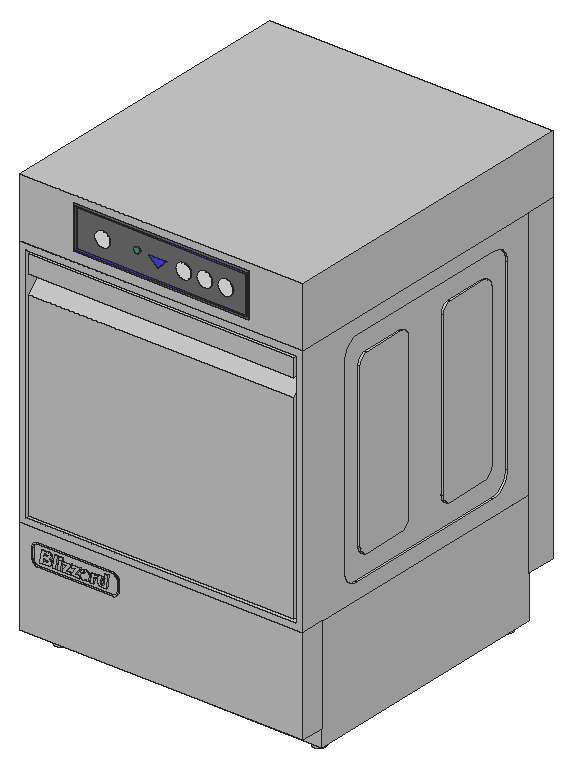
Revit family "QF_BLIZZARD_STORM40DP", category Specialty Equipment, Revit 2016
Family settings
  Part Type = Normal
  Round Connector Dimension = Use Diameter
  OmniClass Number = 23.40.40.14.31
  OmniClass Title = Cleaning and Disposal Equipment
  Work Plane-Based = No
  Always vertical = Yes
  Cut with Voids When Loaded = No
  Shared = No
  Room Calculation Point = No
Parameters (values of type "STORM40DP")
  URL = "www.blizzardequipment.com"
  Show Logo [instance] = yes
  Show Clearance [instance] = yes
  Model = "STORM40DP"
  Manufacturer = "BLIZZARD"
  Legs height [instance] = 170 mm
  Description = "STORM GLASSWASHER 400X400MM WITH DRAIN PUMP"
  Assembly Code = "E1090320"
Reference planes
  plane 1 "Back": y = 0
  plane 2: z = 0
  plane 3 "Left": x = 0
  plane 4 "Right": x = 470
  plane 5 "Front": y = -520
  plane 6 "Top": z = 720
Forms (mm)
  Extrusion 1, solid
    sketch origin (50, 687.394, 40) x (0, -1, 0) y (0, 0, 1)
      loop
        line (687.394, 580.013) -> (687.394, 42.551) -> (737.394, 42.551) -> (737.394, 580.013) -> (687.394, 580.013)
    from -420 to 50
  Extrusion 2, solid
    sketch origin (50, 577.394, 45) x (0, -1, 0) y (0, 0, 1)
      loop
        line (577.394, 675) -> (577.394, 575.013) -> (1097.394, 575.013) -> (1097.394, 675) -> (577.394, 675)
    from -420 to 50
  Extrusion 3, solid
    sketch origin (50, 577.394, -370) x (0, -1, 0) y (0, 0, 1)
      loop
        line (627.394, 570) -> (627.394, 381.179) -> (1057.394, 381.179) -> (1057.394, 570) -> (627.394, 570)
    from -420 to 50
  Extrusion 4, solid
    sketch origin (5.431, 66.549, -127.332) x (0, 1, 0) y (0, 0, 1)
      loop
        line (-193.549, 402.332) -> (-193.549, 672.345)
        arc (-193.549, 672.345) -> (-197.942, 682.952) -> (-208.549, 687.345) r 15
        line (-208.549, 687.345) -> (-278.549, 687.345)
        arc (-278.549, 687.345) -> (-289.155, 682.952) -> (-293.549, 672.345) r 15
        line (-293.549, 672.345) -> (-293.549, 402.332)
        arc (-293.549, 402.332) -> (-289.155, 391.725) -> (-278.549, 387.332) r 15
        line (-278.549, 387.332) -> (-208.549, 387.332)
        arc (-208.549, 387.332) -> (-197.942, 391.725) -> (-193.549, 402.332) r 15
      loop
        line (-366.549, 402.332) -> (-366.549, 672.345)
        arc (-366.549, 672.345) -> (-370.942, 682.952) -> (-381.549, 687.345) r 15
        line (-381.549, 687.345) -> (-451.549, 687.345)
        arc (-451.549, 687.345) -> (-462.155, 682.952) -> (-466.549, 672.345) r 15
        line (-466.549, 672.345) -> (-466.549, 402.332)
        arc (-466.549, 402.332) -> (-462.155, 391.725) -> (-451.549, 387.332) r 15
        line (-451.549, 387.332) -> (-381.549, 387.332)
        arc (-381.549, 387.332) -> (-370.942, 391.725) -> (-366.549, 402.332) r 15
    from -5.431 to -0.431
  Extrusion 5, solid
    sketch origin (464.569, 66.549, -130) x (0, 1, 0) y (0, 0, -1)
      loop
        arc (-193.549, -405) -> (-197.942, -394.393) -> (-208.549, -390) r 15
        line (-208.549, -390) -> (-278.549, -390)
        arc (-278.549, -390) -> (-289.155, -394.393) -> (-293.549, -405) r 15
        line (-293.549, -405) -> (-293.549, -675.013)
        arc (-293.549, -675.013) -> (-289.155, -685.62) -> (-278.549, -690.013) r 15
        line (-278.549, -690.013) -> (-208.549, -690.013)
        arc (-208.549, -690.013) -> (-197.942, -685.62) -> (-193.549, -675.013) r 15
        line (-193.549, -675.013) -> (-193.549, -405)
      loop
        arc (-366.549, -405) -> (-370.942, -394.393) -> (-381.549, -390) r 15
        line (-381.549, -390) -> (-451.549, -390)
        arc (-451.549, -390) -> (-462.155, -394.393) -> (-466.549, -405) r 15
        line (-466.549, -405) -> (-466.549, -675.013)
        arc (-466.549, -675.013) -> (-462.155, -685.62) -> (-451.549, -690.013) r 15
        line (-451.549, -690.013) -> (-381.549, -690.013)
        arc (-381.549, -690.013) -> (-370.942, -685.62) -> (-366.549, -675.013) r 15
        line (-366.549, -675.013) -> (-366.549, -405)
    from -5.431 to -0.431
  Extrusion 6, solid
    sketch origin (0, 0, -130) x (1, 0, 0) y (0, 0, 1)
      loop
        line (0, 750.013) -> (0, 330) -> (470, 330) -> (470, 750.013) -> (0, 750.013)
      loop
        line (10, 740.013) -> (10, 340) -> (460, 340) -> (460, 740.013) -> (10, 740.013)
    from 50 to 520
  Extrusion 7, solid
    sketch origin (0, 100, -135) x (0, 1, 0) y (0, 0, 1)
      loop
        line (-620, 710.013) -> (-610.417, 710.013) -> (-610.417, 728.455) -> (-590.417, 728.455) -> (-590.417, 709.243) -> (-620, 679.66) -> (-620, 350) -> (-580, 350) -> (-580, 740.013) -> (-620, 740.013) -> (-620, 710.013)
    from 15 to 455
  Extrusion 8, solid
    sketch origin (0, 100, 40) x (0, 1, 0) y (0, 0, 1)
      loop
        line (-580, 160) -> (-620, 160) -> (-620, 0) -> (-580, 0) -> (-580, 160)
    from 0 to 470
  Extrusion 9, solid
    sketch origin (0, -335, -130) x (0, 1, 0) y (0, 0, 1)
      loop
        line (-135, 740.013) -> (-145, 740.013) -> (-145, 340) -> (-135, 340) -> (-135, 740.013)
    from 10 to 460
  Extrusion 10, solid
    sketch origin (-164.268, -519.5, -121.974) x (-1, 0, 0) y (0, 0, 1)
      loop
        line (-545, 830) -> (-545, 757.559) -> (-253.536, 757.559) -> (-253.536, 830) -> (-545, 830)
    from -1 to 1
  Extrusion 11, solid, visible <- "Show Logo"
    sketch origin (-177.291, -519.5, -632.856) x (-1, 0, 0) y (0, 0, 1)
      loop
        line (-207.755, 812.856) -> (-331.271, 812.856)
        arc (-331.271, 812.856) -> (-338.67, 809.791) -> (-341.735, 802.392) r 10.464
        line (-341.735, 802.392) -> (-341.735, 787.392)
        arc (-341.735, 787.392) -> (-338.67, 779.993) -> (-331.271, 776.928) r 10.464
        line (-331.271, 776.928) -> (-207.755, 776.928)
        arc (-207.755, 776.928) -> (-200.356, 779.993) -> (-197.291, 787.392) r 10.464
        line (-197.291, 787.392) -> (-197.291, 802.392)
        arc (-197.291, 802.392) -> (-200.356, 809.791) -> (-207.755, 812.856) r 10.464
      loop
        line (-207.755, 810.856) -> (-331.271, 810.856)
        arc (-331.271, 810.856) -> (-337.256, 808.377) -> (-339.735, 802.392) r 8.464
        line (-339.735, 802.392) -> (-339.735, 787.392)
        arc (-339.735, 787.392) -> (-337.256, 781.407) -> (-331.271, 778.928) r 8.464
        line (-331.271, 778.928) -> (-207.755, 778.928)
        arc (-207.755, 778.928) -> (-201.77, 781.407) -> (-199.291, 787.392) r 8.464
        line (-199.291, 787.392) -> (-199.291, 802.392)
        arc (-199.291, 802.392) -> (-201.77, 808.377) -> (-207.755, 810.856) r 8.464
    from -1 to 1
  Extrusion 12, solid, visible <- "Show Logo"
    sketch origin (3.606, 101, -76.918) x (1, 0, 0) y (0, 0, 1)
      loop
        line (30.587, 228.481) -> (44.749, 228.857)
        arc (44.749, 228.857) -> (49.768, 233.478) -> (47.063, 239.741) r 5.894
        arc (47.063, 239.741) -> (48.729, 246.617) -> (42.285, 249.538) r 5.547
        line (42.285, 249.538) -> (33.172, 249.538) -> (30.587, 228.481)
      loop
        line (36.658, 232.978) -> (42.704, 232.978)
        arc (42.704, 232.978) -> (44.625, 234.898) -> (42.704, 236.819) r 1.921
        line (42.704, 236.819) -> (37.13, 236.819) -> (36.658, 232.978)
      loop
        line (37.256, 241.423) -> (42.802, 241.423)
        arc (42.802, 241.423) -> (44.723, 243.344) -> (42.802, 245.264) r 1.921
        line (42.802, 245.264) -> (37.728, 245.264) -> (37.256, 241.423)
      loop
        line (52.105, 228.421) -> (57.105, 228.421) -> (59.698, 249.538) -> (54.698, 249.538) -> (52.105, 228.421)
      loop
        line (60, 228.421) -> (65, 228.421) -> (66.892, 243.832) -> (61.892, 243.832) -> (60, 228.421)
      loop
        line (61.983, 244.575) -> (67.494, 244.575) -> (68.103, 249.538) -> (62.593, 249.538) -> (61.983, 244.575)
      loop
        line (68.784, 239.859) -> (74.946, 239.859) -> (67.947, 231.215) -> (67.947, 228.421) -> (81.379, 228.421) -> (81.379, 232.273) -> (75.019, 232.273) -> (82.004, 240.899) -> (82.004, 243.832) -> (69.272, 243.832) -> (68.784, 239.859)
      loop
        line (83.284, 239.859) -> (89.446, 239.859) -> (82.447, 231.215) -> (82.447, 228.421) -> (95.879, 228.421) -> (95.879, 232.273) -> (89.519, 232.273) -> (96.504, 240.899) -> (96.504, 243.832) -> (83.772, 243.832) -> (83.284, 239.859)
      loop
        arc (103.395, 238.896) -> (105.439, 241.195) -> (106.867, 238.469) r 1.87
        line (106.867, 238.469) -> (101.835, 237.44)
        arc (101.835, 237.44) -> (98.76, 230.604) -> (106.218, 229.849) r 4.62
        line (106.218, 229.849) -> (107.645, 228.421) -> (112.645, 228.421) -> (111.375, 230.622) -> (112.465, 239.505)
        arc (112.465, 239.505) -> (105.449, 244.583) -> (98.432, 239.505) r 7.387
        line (98.432, 239.505) -> (103.395, 238.896)
      loop
        line (114.231, 228.421) -> (119.218, 228.421) -> (120.249, 236.819)
        arc (120.249, 236.819) -> (122.276, 239.388) -> (125.515, 239.859) r 4.419
        line (125.515, 239.859) -> (126.961, 243.832) -> (123.41, 243.832) -> (121.123, 242.512) -> (121.123, 243.832) -> (116.123, 243.832) -> (114.231, 228.421)
      loop
        arc (137.816, 242.746) -> (125.76, 237.684) -> (136.057, 229.626) r 7.581
        line (136.057, 229.626) -> (136.057, 228.421) -> (141.057, 228.421) -> (143.65, 249.538) -> (138.65, 249.538) -> (137.816, 242.746)
      loop
        spline (133.323, 232.229) -> (134.09, 232.277) -> (134.838, 232.6) -> (135.517, 233.178) -> (136.081, 233.97) -> (136.492, 234.924) -> (136.72, 235.972) -> (136.752, 237.045) -> (136.584, 238.069) -> (136.229, 238.975) -> (135.709, 239.7) -> (135.062, 240.195) -> (134.33, 240.426)
        spline (134.33, 240.426) -> (133.564, 240.379) -> (132.816, 240.055) -> (132.136, 239.477) -> (131.572, 238.685) -> (131.162, 237.732) -> (130.933, 236.683) -> (130.901, 235.61) -> (131.069, 234.586) -> (131.425, 233.681) -> (131.944, 232.956) -> (132.592, 232.46) -> (133.323, 232.229)
    from 620 to 622
  Extrusion 13, solid, visible <- "Show Clearance", detail levels coarse
    sketch origin (0, -335, -170) x (0, 1, 0) y (0, 0, 1)
      loop
        line (-185, 385) -> (-185, 775.013)
        arc (-185, 775.013) -> (-460.781, 660.781) -> (-575.013, 385) r 390.013
        line (-575.013, 385) -> (-185, 385)
    from 15 to 455
  Extrusion 14, solid
    sketch origin (-17.519, 129.541, 0) x (1, 0, 0) y (0, 1, 0)
      loop
        circle (37.519, -589.541) r 5
    from 5.109 to 11.179
  Extrusion 15, solid
    sketch origin (-17.519, 129.541, 0) x (1, 0, 0) y (0, 1, 0)
      loop
        circle (37.519, -589.541) r 10
    from 0 to 5.109
  Extrusion 16, solid
    sketch origin (-17.519, -659.541, 0) x (1, 0, 0) y (0, 1, 0)
      loop
        circle (37.519, 589.541) r 5
    from 5.109 to 11.179
  Extrusion 17, solid
    sketch origin (-17.519, -659.541, 0) x (1, 0, 0) y (0, 1, 0)
      loop
        circle (37.519, 589.541) r 10
    from 0 to 5.109
  Extrusion 18, solid
    sketch origin (487.519, 129.541, 0) x (-1, 0, 0) y (0, -1, 0)
      loop
        circle (37.519, 589.541) r 5
    from 5.109 to 11.179
  Extrusion 19, solid
    sketch origin (487.519, 129.541, 0) x (-1, 0, 0) y (0, -1, 0)
      loop
        circle (37.519, 589.541) r 10
    from 0 to 5.109
  Extrusion 20, solid
    sketch origin (487.519, -659.541, 0) x (-1, 0, 0) y (0, -1, 0)
      loop
        circle (37.519, -589.541) r 5
    from 5.109 to 11.179
  Extrusion 21, solid
    sketch origin (487.519, -659.541, 0) x (-1, 0, 0) y (0, -1, 0)
      loop
        circle (37.519, -589.541) r 10
    from 0 to 5.109
  Extrusion 22, void
    sketch origin (8.942, 88.818, -170) x (0, 1, 0) y (0, 0, 1)
      loop
        line (-180.818, 425) -> (-180.818, 735.013)
        arc (-180.818, 735.013) -> (-189.605, 756.227) -> (-210.818, 765.013) r 30
        line (-210.818, 765.013) -> (-493.818, 765.013)
        arc (-493.818, 765.013) -> (-515.032, 756.227) -> (-523.818, 735.013) r 30
        line (-523.818, 735.013) -> (-523.818, 425)
        arc (-523.818, 425) -> (-515.032, 403.787) -> (-493.818, 395) r 30
        line (-493.818, 395) -> (-210.818, 395)
        arc (-210.818, 395) -> (-189.605, 403.787) -> (-180.818, 425) r 30
    from -13.942 to -3.942
  Extrusion 23, void
    sketch origin (461.058, 66.818, -170) x (0, 1, 0) y (0, 0, -1)
      loop
        arc (-158.818, -425) -> (-167.605, -403.787) -> (-188.818, -395) r 30
        line (-188.818, -395) -> (-471.818, -395)
        arc (-471.818, -395) -> (-493.032, -403.787) -> (-501.818, -425) r 30
        line (-501.818, -425) -> (-501.818, -735.013)
        arc (-501.818, -735.013) -> (-493.032, -756.227) -> (-471.818, -765.013) r 30
        line (-471.818, -765.013) -> (-188.818, -765.013)
        arc (-188.818, -765.013) -> (-167.605, -756.227) -> (-158.818, -735.013) r 30
        line (-158.818, -735.013) -> (-158.818, -425)
    from -13.942 to -3.942
  Extrusion 24, solid
    sketch origin (-28.366, 101, -100) x (1, 0, 0) y (0, 0, 1)
      loop
        circle (166.253, 770.64) r 12.423
    from 620 to 622
  Extrusion 25, solid
    sketch origin (106.634, 101, -100) x (1, 0, 0) y (0, 0, 1)
      loop
        circle (166.253, 770.64) r 12.423
    from 620 to 622
  Extrusion 26, solid
    sketch origin (141.634, 101, -100) x (1, 0, 0) y (0, 0, 1)
      loop
        circle (166.253, 770.64) r 12.423
    from 620 to 622
  Extrusion 27, solid
    sketch origin (176.634, 101, -100) x (1, 0, 0) y (0, 0, 1)
      loop
        circle (166.253, 770.64) r 12.423
    from 620 to 622
  Extrusion 28, solid
    sketch origin (29.211, 101, -95.614) x (1, 0, 0) y (0, 0, 1)
      loop
        circle (166.253, 770.64) r 5
    from 620 to 622
  Extrusion 29, solid
    sketch origin (-164.268, -520, -126.974) x (-1, 0, 0) y (0, 0, 1)
      loop
        line (-540, 830) -> (-540, 767.559) -> (-258.536, 767.559) -> (-258.536, 830) -> (-540, 830)
      loop
        line (-542, 832) -> (-542, 765.559) -> (-256.536, 765.559) -> (-256.536, 832) -> (-542, 832)
    from -1 to 1
  Extrusion 30, solid
    sketch origin (-164.268, -520, -156.974) x (-1, 0, 0) y (0, 0, 1)
      loop
        line (-409.732, 832) -> (-394.732, 817) -> (-379.732, 832) -> (-409.732, 832)
    from -1 to 1
Cuts and joins
  Extrusion 23 cuts Extrusion 4
  Extrusion 22, Extrusion 23 cuts Extrusion 6
Lines and regions (mm)
  reference lines
    curve 1: line (0, -183.475, 1485) -> (0, -697.791, 1021.908)
  symbolic lines, style "200-EquipBorder-2D"
    curve 2: line (0, 0, 0) -> (470, 0, 0)
    curve 3: line (0, -520, 0) -> (0, 0, 0)
    curve 4: line (470, -520, 0) -> (0, -520, 0)
    curve 5: line (470, 0, 0) -> (470, -520, 0)
  symbolic lines, style "QF_Door-Drawer Clearances", visible <- "Show Clearance"
    curve 6: line (15, -520, 0) -> (15, -910.013, 0)
    curve 7: line (15, -910.013, 0) -> (455, -910.013, 0)
    curve 8: line (455, -910.013, 0) -> (455, -520, 0)
Dimensions and locks
  plane 3 "Left" to plane 4 "Right" = 470 mm
  plane 5 "Front" to plane 1 "Back" = 520 mm
  plane 1 "Back" to plane 5 "Front" = 520 mm
  plane 4 "Right" to plane 3 "Left" = 470 mm
  plane 6 "Top" to level = 720 mm  (x2)
  aligned and locked: level to plane 2
